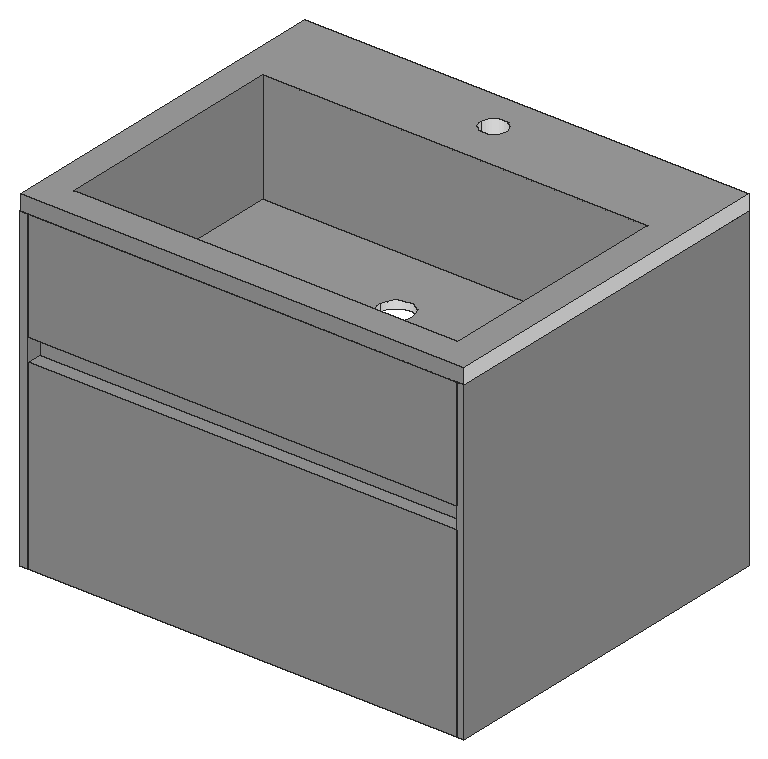
Revit family "MUEBLE SUNSET 600 TEAK", category Generic Models, Revit 2019
Family settings
  Can host rebar = No
  Round Connector Dimension = Use Diameter
  Part Type = Normal
  Work Plane-Based = No
  Always vertical = Yes
  Cut with Voids When Loaded = No
  Shared = No
  Room Calculation Point = No
Parameters (values of type "ORANS Mueble Orlando Fume (MFC 034) 060,5cm ancho")
  URL = ""
  Profundidad receptáculo = 150 mm
  Prof lavamanos = 320 mm
  Prof borde cub trasero = 120 mm
  Model = ""
  Material tirador = Acero semi pulido
  Material frentes = Fume (MFC 034) horizontal
  Material cubierta = Loza blanco brillo
  Material costados = Fume (MFC 034) vertical
  Manufacturer = ""
  Largo = 600 mm
  Largo receptáculo = if(Largo = 605 mm, 426 mm, 460 mm)  # 460 mm
  Description = ""
  Ancho tirador = 250 mm
  Ancho borde cub = 40 mm
  Ancho = 480 mm
  Amcho borde cub [instance] = 70 mm
  Alto [instance] = 450 mm
  ANCHO BORDE CUB [instance] = 70 mm
Types (12, lengths in mm): name | Prof lavamanos | Prof borde cub trasero | Material frentes | Material costados | Largo | Largo receptáculo | Ancho borde cub | Ancho | Alto
  ORANS Mueble Orlando Fume (MFC 034) 060,5cm ancho | 320 | 120 | Fume (MFC 034) horizontal | Fume (MFC 034) vertical | 600 | 460 | 40 | 480 | 450
  ORANS Mueble Orlando Fume (MFC 034) 070,5cm ancho | 275 | 115 | Fume (MFC 034) horizontal | Fume (MFC 034) vertical | 705 | 460 | 70 | 465 | 570
  ORANS Mueble Orlando Fume (MFC 034) 080,5cm ancho | 275 | 115 | Fume (MFC 034) horizontal | Fume (MFC 034) vertical | 805 | 460 | 70 | 465 | 570
  ORANS Mueble Orlando Fume (MFC 034) 100,5cm ancho | 275 | 115 | Fume (MFC 034) horizontal | Fume (MFC 034) vertical | 1050 | 460 | 70 | 465 | 570
  ORANS Mueble Orlando Haya Light (MFC 030) 060,5cm ancho | 275 | 115 | Haya Light (MFC 030) horizontal | Haya Light (MFC 030) vertical | 605 | 426 | 70 | 465 | 570
  ORANS Mueble Orlando Haya Light (MFC 030) 070,5cm ancho | 275 | 115 | Haya Light (MFC 030) horizontal | Haya Light (MFC 030) vertical | 705 | 460 | 70 | 465 | 570
  ORANS Mueble Orlando Haya Light (MFC 030) 080,5cm ancho | 275 | 115 | Haya Light (MFC 030) horizontal | Haya Light (MFC 030) vertical | 805 | 460 | 70 | 465 | 570
  ORANS Mueble Orlando Haya Light (MFC 030) 100,5cm ancho | 275 | 115 | Haya Light (MFC 030) horizontal | Haya Light (MFC 030) vertical | 1050 | 460 | 70 | 465 | 570
  ORANS Mueble Orlando Oak 1 (MFC 005) 060,5cm ancho | 275 | 115 | Oak1 (MFC 005) horizontal | Oak1 (MFC 005) vertical | 605 | 426 | 70 | 465 | 570
  ORANS Mueble Orlando Oak 1 (MFC 005) 070,5cm ancho | 275 | 115 | Oak1 (MFC 005) horizontal | Oak1 (MFC 005) vertical | 705 | 460 | 70 | 465 | 570
  ORANS Mueble Orlando Oak 1 (MFC 005) 080,5cm ancho | 275 | 115 | Oak1 (MFC 005) horizontal | Oak1 (MFC 005) vertical | 805 | 460 | 70 | 465 | 570
  ORANS Mueble Orlando Oak 1 (MFC 005) 100,5cm ancho | 275 | 115 | Oak1 (MFC 005) horizontal | Oak1 (MFC 005) vertical | 1050 | 460 | 70 | 465 | 570
Reference planes
  plane 1 "Center (Front/Back)": y = 0
  plane 2: z = 0
  plane 3 "Center (Left/Right)": x = 0
  plane 4: x = -300
  plane 5: x = 300
  plane 6: y = -120
  plane 7: y = -440
  plane 8: y = -480
  plane 9: y = -220
  plane 10: y = -55
  plane 11: z = 430
  plane 12: z = 450
  plane 13: x = -290
  plane 14: x = 290
  plane 15: y = -450
  plane 16 "int. lav izq": x = -260
  plane 17 "int. lav der": x = 260
  plane 18: x = -270
  plane 19: x = 270
  plane 20: y = -110
  plane 21: y = -460
  plane 22: z = 250
  plane 23: z = 280
Forms (mm)
  Extrusion 1, solid, material "Loza blanco brillo" <- "Material cubierta"
    sketch origin (0, 0, 0) x (1, 0, 0) y (0, 1, 0)
      loop
        line (-300, -480) -> (300, -480) -> (300, 0) -> (-300, 0) -> (-300, -480)
      loop
        line (-260, -120) -> (-260, -440) -> (260, -440) -> (260, -120) -> (-260, -120)
      loop
        circle (0, -55) r 17.5
    from 430 to 450
  Extrusion 2, solid, material "Loza blanco brillo" <- "Material cubierta"
    sketch origin (0, 0, 0) x (1, 0, 0) y (0, 1, 0)
      loop
        line (-270, -110) -> (-270, -450) -> (270, -450) -> (270, -110) -> (-270, -110)
      loop
        circle (0, -220) r 22.5
    from 290 to 430
  Extrusion 3, void
    sketch origin (0, 0, 0) x (1, 0, 0) y (0, 1, 0)
      loop
        line (-260, -120) -> (-260, -440) -> (260, -440) -> (260, -120) -> (-260, -120)
    from 300 to 430
  Extrusion 4, solid, material "Loza blanco brillo"
    sketch origin (0, 0, 0) x (1, 0, 0) y (0, 1, 0)
      loop
        line (-300, 0) -> (-300, -480) -> (-290, -480) -> (-290, 0) -> (-300, 0)
    from 0 to 430
  Extrusion 5, solid, material "Loza blanco brillo"
    sketch origin (590, 0, 0) x (1, 0, 0) y (0, 1, 0)
      loop
        line (-300, 0) -> (-300, -480) -> (-290, -480) -> (-290, 0) -> (-300, 0)
    from 0 to 430
  Extrusion 6, solid, material "Fume (MFC 034) horizontal" <- "Material frentes"
    sketch origin (0, 0, 0) x (1, 0, 0) y (0, 0, 1)
      loop
        line (-290, 430) -> (-290, 280) -> (290, 280) -> (290, 430) -> (-290, 430)
    from 460 to 480
  Extrusion 7, solid, material "Fume (MFC 034) horizontal" <- "Material frentes"
    sketch origin (0, 0, -200) x (1, 0, 0) y (0, 0, 1)
      loop
        line (-290, 450) -> (-290, 200) -> (290, 200) -> (290, 450) -> (-290, 450)
    from 460 to 480
  Extrusion 8, solid, material "Loza blanco brillo" <- "Material cubierta"
    sketch origin (0, 0, 0) x (1, 0, 0) y (0, 0, 1)
      loop
        line (-290, 300) -> (-290, 220) -> (290, 220) -> (290, 300) -> (-290, 300)
    from 450 to 460
Cuts and joins
  Extrusion 3 cuts Extrusion 2
  joined: Extrusion 1, Extrusion 2
Dimensions and locks
  equal spacing: plane 4, plane 3 "Center (Left/Right)", plane 5
  "Largo": plane 4 to plane 5
  "Ancho": plane 8 to plane 1 "Center (Front/Back)"
  "Prof borde cub trasero": plane 6 to plane 1 "Center (Front/Back)"
  "Prof lavamanos": plane 7 to plane 6
  locked: plane 9 to plane 1 "Center (Front/Back)" at 220
  locked: plane 10 to plane 1 "Center (Front/Back)" at 55
  locked: plane 12 to plane 11 at 20
  plane 4 to plane 13 = 10 mm
  plane 14 to plane 5 = 10 mm
  locked: plane 15 to plane 7 at 10
  "Ancho borde cub": plane 17 "int. lav der" to plane 5
  "Ancho borde cub": plane 16 "int. lav izq" to plane 4
  locked: plane 13 to plane 4 at 10
  locked: plane 5 to plane 14 at 10
  plane 12 to plane 11 = 20 mm
  plane 4 to plane 16 "int. lav izq" = 40 mm
  locked: plane 18 to plane 16 "int. lav izq" at 10
  locked: plane 17 "int. lav der" to plane 19 at 10
  locked: plane 20 to plane 6 at 10
  "Alto": plane 12 to level
  locked: cut or joined group of Extrusion 1, Extrusion 2, Extrusion 3 to cut or joined group of Extrusion 1, Extrusion 2, Extrusion 3 at 140
  locked: cut or joined group of Extrusion 1, Extrusion 2, Extrusion 3 to cut or joined group of Extrusion 1, Extrusion 2, Extrusion 3 at 130
  locked: plane 23 to plane 22 at 30
  aligned and locked: plane 5 to Extrusion 1 sketch curve
  aligned and locked: plane 8 to Extrusion 1 sketch curve
  aligned and locked: Extrusion 1 sketch curve to plane 4
  aligned and locked: Extrusion 1 sketch curve to plane 1 "Center (Front/Back)"
  aligned and locked: plane 12 to Extrusion 1
  aligned and locked: Extrusion 1 to plane 11
  aligned and locked: plane 6 to Extrusion 1 sketch curve
  aligned and locked: Extrusion 1 sketch curve to plane 7
  aligned and locked: Extrusion 3 sketch curve to plane 7
  aligned and locked: plane 11 to Extrusion 3
  aligned and locked: plane 10 to Extrusion 1 sketch curve
  aligned and locked: plane 3 "Center (Left/Right)" to Extrusion 1 sketch curve
  aligned and locked: plane 3 "Center (Left/Right)" to Extrusion 2 sketch curve
  aligned and locked: plane 9 to Extrusion 2 sketch curve
  aligned and locked: plane 17 "int. lav der" to cut or joined group of Extrusion 1, Extrusion 2, Extrusion 3
  aligned and locked: cut or joined group of Extrusion 1, Extrusion 2, Extrusion 3 to plane 16 "int. lav izq"  (x2)
  aligned and locked: cut or joined group of Extrusion 1, Extrusion 2, Extrusion 3 to plane 1 "Center (Front/Back)"
  aligned and locked: plane 7 to cut or joined group of Extrusion 1, Extrusion 2, Extrusion 3
  aligned and locked: plane 10 to cut or joined group of Extrusion 1, Extrusion 2, Extrusion 3
  aligned and locked: cut or joined group of Extrusion 1, Extrusion 2, Extrusion 3 to plane 11
  aligned and locked: plane 11 to Extrusion 4
  aligned and locked: plane 8 to Extrusion 4
  aligned and locked: Extrusion 4 to plane 1 "Center (Front/Back)"
  aligned and locked: plane 13 to Extrusion 4
  aligned and locked: plane 11 to Extrusion 5
  aligned and locked: Extrusion 5 to level
  aligned and locked: Extrusion 5 to plane 11  (x2)
  aligned and locked: level to Extrusion 5  (x2)
  aligned and locked: Extrusion 4 to level
  aligned and locked: Extrusion 4 to plane 11  (x2)
  aligned and locked: plane 12 to cut or joined group of Extrusion 1, Extrusion 2, Extrusion 3
  aligned and locked: cut or joined group of Extrusion 1, Extrusion 2, Extrusion 3 to plane 19
  aligned and locked: cut or joined group of Extrusion 1, Extrusion 2, Extrusion 3 to plane 17 "int. lav der"
  aligned and locked: plane 18 to cut or joined group of Extrusion 1, Extrusion 2, Extrusion 3
  aligned and locked: plane 16 "int. lav izq" to cut or joined group of Extrusion 1, Extrusion 2, Extrusion 3
  aligned and locked: cut or joined group of Extrusion 1, Extrusion 2, Extrusion 3 to plane 20
  aligned and locked: cut or joined group of Extrusion 1, Extrusion 2, Extrusion 3 to plane 6
  aligned and locked: plane 6 to cut or joined group of Extrusion 1, Extrusion 2, Extrusion 3
  aligned and locked: cut or joined group of Extrusion 1, Extrusion 2, Extrusion 3 to plane 7
  aligned and locked: cut or joined group of Extrusion 1, Extrusion 2, Extrusion 3 to plane 12  (x2)
  aligned and locked: plane 11 to cut or joined group of Extrusion 1, Extrusion 2, Extrusion 3  (x2)
  aligned and locked: level to Extrusion 4
  aligned and locked: Extrusion 6 to plane 8
  aligned and locked: Extrusion 6 to plane 21
  aligned and locked: Extrusion 6 to plane 23
  aligned and locked: plane 22 to Extrusion 7
Automatic sketch dimensions
  Extrusion 1 sketch curve to plane 16 "int. lav izq" = 0 mm
  Extrusion 1 sketch curve to plane 17 "int. lav der" = 0 mm
  plane 15 to Extrusion 2 sketch curve = 0 mm
  Extrusion 2 sketch curve to plane 18 = 0 mm
  Extrusion 2 sketch curve to plane 19 = 0 mm
  plane 20 to Extrusion 2 sketch curve = 0 mm
  Extrusion 3 sketch curve to plane 16 "int. lav izq" = 0 mm
  Extrusion 3 sketch curve to plane 17 "int. lav der" = 0 mm
  plane 6 to Extrusion 3 sketch curve = 0 mm
  Extrusion 4 sketch curve to plane 4 = 0 mm
  plane 8 to Extrusion 4 sketch curve = 0 mm
  Extrusion 4 sketch curve to plane 13 = 0 mm
  plane 1 "Center (Front/Back)" to Extrusion 4 sketch curve = 0 mm
  plane 8 to Extrusion 5 sketch curve = 0 mm
  Extrusion 5 sketch curve to plane 14 = 0 mm
  Extrusion 5 sketch curve to plane 5 = 0 mm
  plane 1 "Center (Front/Back)" to Extrusion 5 sketch curve = 0 mm
  Extrusion 6 sketch curve to plane 13 = 0 mm
  Extrusion 6 sketch curve to plane 11 = 0 mm
  Extrusion 6 sketch curve to plane 14 = 0 mm
  Extrusion 6 sketch curve to plane 23 = 0 mm
  Extrusion 7 sketch curve to level = 0 mm
  Extrusion 7 sketch curve to plane 13 = 0 mm
  Extrusion 7 sketch curve to plane 14 = 0 mm
  Extrusion 7 sketch curve to plane 22 = 0 mm
  Extrusion 8 sketch curve to plane 13 = 0 mm
  Extrusion 8 sketch curve to plane 11 = 130 mm
  Extrusion 8 sketch curve to plane 14 = 0 mm
  Extrusion 8 sketch curve to plane 23 = 60 mm
  radius of Extrusion 1 sketch curve = 17.5 mm
  radius of Extrusion 2 sketch curve = 22.5 mm
